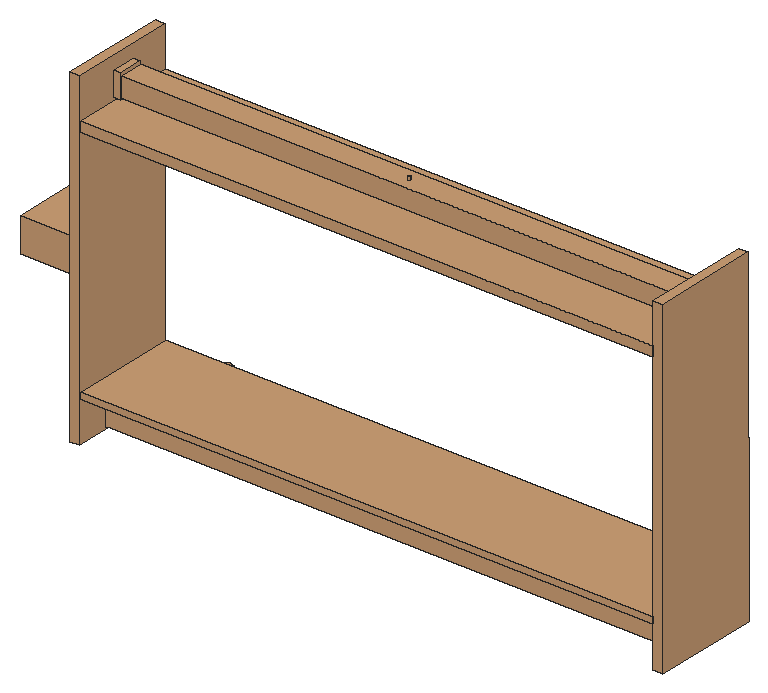
Revit family
Parameters
  Center of Unit = 0' - 0"  # constant formula
  Total Heating Capacity [instance] = 0.0 Btu/h
  Series = "VIFB"
  Outlet Area = 39.30 SF
  Lower Frame Thickness = if(Headers Height = 0' 3", 0' 1 1/4", if(Headers Height = 0' 3 1/4", 0' 1 1/4", 0' 0"))  # 0' - 1 1/4"
  Water Pressure Drop [instance] = 0.00 psi
  Water Flow [instance] = 0 GPM
  Unit Weight (lbs) = 1325
  URL = "http://www.ljwing.com/"
  Water Outlet Radius = 0' - 1 1/2"
  Headers Height = if(M = 0' 1", 0' 3", if(M = 0' 1 1/2", 0' 3 1/4", 0' 0"))  # 0' - 3 1/4"
  Number of Rows = 2  # constant formula
  Number of Coils [instance] = 0
  Nominal Length = 10' - 1 29/32"
  N = 1' - 0 3/4"
  Model = "VC-11W"
  Manufacturer = "LJ Wing"
  M = 0' - 1 1/2"
  Leaving Water Temperature [instance] = 0 °F
  Leaving Air Temperature [instance] = 0 °F
  Entering Water Temperature [instance] = 0 °F
  Entering Air Temperature [instance] = 0 °F
  Description = "Vertical Integral Face & Bypass Water Heating Coils"
  Hot Water Inlet  Radius = 0' - 1 1/2"
  Coil Face Area = Outlet Area * 0.56  # 22.008 SF
  Casing Material = ""
  Assembly Code = "D3020300"
  Air Vent Radius = 0' - 0 1/4"
  Air Pressure Drop [instance] = 0.00 in-wg
  Air Inlet Width = Nominal Length - 0' 4"  # 9' - 9 29/32"
  Air Inlet Height = Y  # 4' - 0"
  Air Flow [instance] = 0 CFM
  Y = 4' - 0"
  S = 0' - 9 3/4"  # constant formula
  Product URL = "http://www.ljwing.com/html/vifb.asp"
  OmniClass = "23-75 70 21 14 "
  Nominal Height = 5' - 8"
  Nominal Depth = 1' - 10"
  R = 0' - 10 1/4"  # constant formula
  Q = 0' - 3 61/64"
Reference planes (in)
  plane 1 "Center (Front/Back)": y = 0
  plane 2: z = -24
  plane 3 "Center (Left/Right)": x = 0
  plane 4: z = 34.25
  plane 5: x = -60.95312
  plane 6: x = 60.95313
  plane 7: z = -33.75
  plane 8: z = 0
  plane 9: y = -11
  plane 10: y = 11
  plane 11: z = 24
  plane 12: z = 26
  plane 13: z = -25.25
  plane 14: x = 58.95313
  plane 15: x = -58.95313
  plane 16: x = -57
  plane 17: x = 57
  plane 18: y = 14.0625
  plane 19: x = -71.95313
  plane 20: z = 31.125
  plane 21: z = 27.125
  plane 22: y = -2.5
  plane 23: y = 2.5
  plane 24: y = -4.5
  plane 25: z = -31.375
  plane 26: x = -48.20312
  plane 27: x = 48.20313
  plane 28: z = -27.375
Forms (in)
  Extrusion 1, solid, material "Painted Finish"
    sketch origin (0, 6, -9.75) x (1, 0, 0) y (0, 0, 1)
      loop
        line (-60.95312, -24) -> (-58.95313, -24) -> (-58.95313, 44) -> (-60.95312, 44) -> (-60.95312, -24)
      loop
        line (60.95313, -24) -> (60.95313, 44) -> (58.95313, 44) -> (58.95313, -24) -> (60.95313, -24)
    from -5 to 17
  Extrusion 2, solid, material "Painted Finish"
    sketch origin (0, 6, 0) x (1, 0, 0) y (0, 0, 1)
      loop
        line (58.95313, -24) -> (-58.95313, -24) -> (-58.95313, -25.25) -> (58.95313, -25.25) -> (58.95313, -24)
      loop
        line (58.95313, 24) -> (58.95313, 26) -> (-58.95313, 26) -> (-58.95313, 24) -> (58.95313, 24)
    from -5 to 17
  Extrusion 3, solid, material "Painted Finish"
    sketch origin (0, 10, -0.5) x (1, 0, 0) y (0, 0, 1)
      loop
        line (-60.95312, 4) -> (-71.95313, 4) -> (-71.95313, -3) -> (-60.95312, -3) -> (-60.95312, 4)
    from 0 to 20
  Extrusion 4, solid, material "Painted Finish"
    sketch origin (0, 6, 0) x (1, 0, 0) y (0, 0, 1)
      loop
        line (-57.32813, 31.125) -> (-57.32813, 27.125) -> (57.32813, 27.125) -> (57.32813, 31.125) -> (-57.32813, 31.125)
    from 3.5 to 8.5
  Extrusion 5, solid, material "Painted Finish"
    sketch origin (0, 0, 0) x (1, 0, 0) y (0, 0, 1)
      loop
        line (-57.32813, 26.625) -> (-57.32813, 31.625) -> (-58.95313, 31.625) -> (-58.95313, 26.625) -> (-57.32813, 26.625)
      loop
        line (58.95313, 26.625) -> (58.95313, 31.625) -> (57.32813, 31.625) -> (57.32813, 26.625) -> (58.95313, 26.625)
    from -2.5 to 2.5
  Extrusion 6, solid, material "Painted Finish"
    sketch origin (0, 6, 0) x (1, 0, 0) y (0, 0, 1)
      loop
        line (-58.45312, -25.75) -> (-58.45312, -25.5) -> (-58.95313, -25.5) -> (-58.95313, -29.25) -> (-58.45312, -29.25) -> (-58.45312, -29) -> (58.45313, -29) -> (58.45313, -29.25) -> (58.95313, -29.25) -> (58.95313, -25.5) -> (58.45313, -25.5) -> (58.45313, -25.75) -> (-58.45312, -25.75)
      loop
        line (58.45313, -33) -> (58.45313, -33.125) -> (58.95313, -33.125) -> (58.95313, -29.5) -> (58.45313, -29.5) -> (58.45313, -29.75) -> (-58.45312, -29.75) -> (-58.45312, -29.5) -> (-58.95313, -29.5) -> (-58.95313, -33.25) -> (-58.45313, -33.25) -> (-58.45313, -33) -> (58.45313, -33)
    from -5 to 10.5
  Extrusion 7, void
    sketch origin (0, 0, 0) x (1, 0, 0) y (0, 0, 1)
      loop
        line (-58.95313, 24) -> (-58.95313, -24) -> (58.95313, -24) -> (58.95313, 24) -> (-58.95313, 24)
    from -11 to 11
  Extrusion 8, solid, material "Painted Finish"
    sketch origin (0, 0, 0) x (1, 0, 0) y (0, 0, 1)
      loop
        circle (48.20313, -31.375) r 1.5
      loop
        circle (-48.20312, -27.375) r 1.5
    from -14.0625 to -11
  Extrusion 9, solid, material "Painted Finish"
    sketch origin (0, 0, 0) x (1, 0, 0) y (0, 1, 0)
      loop
        circle (0, 0) r 0.25
    from 31.125 to 31.625
Cuts and joins
  Extrusion 7 cuts Extrusion 1
  Extrusion 7 cuts Extrusion 2
Dimensions and locks (in)
  "Nominal Length": plane 6 to plane 5
  equal spacing: plane 6, plane 3 "Center (Left/Right)", plane 5
  "S": plane 2 to plane 7
  "Nominal Depth": plane 10 to plane 9
  equal spacing: plane 10, plane 1 "Center (Front/Back)", plane 9
  "Y": plane 11 to plane 2
  "R": plane 4 to plane 11
  locked: plane 12 to plane 11 at 2
  "Lower Frame Thickness": plane 2 to plane 13
  "Q": plane 16 to plane 5
  "Q": plane 6 to plane 17
  locked: plane 18 to plane 10 at 3.0625
  locked: plane 5 to plane 19 at 11
  locked: Extrusion 3 sketch curve to Extrusion 3 sketch curve at 7
  locked: Extrusion 3 to Extrusion 3 at 20
  locked: plane 6 to plane 14 at 2
  locked: plane 15 to plane 5 at 2
  locked: Extrusion 5 sketch curve to plane 20 at 0.5
  locked: plane 21 to Extrusion 5 sketch curve at 0.5
  locked: plane 20 to plane 21 at 4
  locked: plane 23 to plane 22 at 5
  equal spacing: plane 23, plane 1 "Center (Front/Back)", plane 22
  locked: plane 22 to plane 24 at 2
  plane 4 to plane 7 = 5' - 8"
  locked: Extrusion 5 sketch curve to Extrusion 1 at 1.625
  locked: Extrusion 5 sketch curve to Extrusion 5 sketch curve at 1.625
  locked: Extrusion 7 sketch curve to plane 11 at 0
  locked: Extrusion 7 sketch curve to plane 15 at 0
  locked: Extrusion 7 sketch curve to plane 14 at 0
  locked: plane 15 to Extrusion 6 sketch curve at 0.5
  locked: Extrusion 6 sketch curve to Extrusion 6 sketch curve at 0.25  (x2)
  locked: plane 25 to plane 7 at 2.375
  "N": plane 26 to plane 5
  "N": plane 6 to plane 27
  locked: plane 28 to plane 7 at 6.375
  "Headers Height": Extrusion 6 sketch curve to Extrusion 6 sketch curve  (x2)
  locked: Extrusion 8 sketch curve to plane 25 at 0
  locked: Extrusion 8 sketch curve to plane 28 at 0
  locked: Extrusion 9 sketch curve to plane 1 "Center (Front/Back)" at 0
  locked: Extrusion 9 sketch curve to plane 3 "Center (Left/Right)" at 0
  equal spacing: Extrusion 6 sketch curve, plane 28, Extrusion 6 sketch curve
  equal spacing: Extrusion 6 sketch curve, plane 25, Extrusion 6 sketch curve
  locked: plane 4 to plane 20 at 3.125
  locked: Extrusion 7 sketch curve to plane 2 at 0
  equal spacing: plane 11, plane 8, plane 2
  locked: Extrusion 8 sketch curve to plane 27 at 0
  locked: Extrusion 8 sketch curve to plane 26 at 0
  "M": radius of Extrusion 8 sketch curve  (x2)
  "Air Vent Radius": radius of Extrusion 9 sketch curve
  aligned and locked: Extrusion 1 to plane 9
  aligned and locked: Extrusion 1 to plane 10
  aligned and locked: Extrusion 1 to plane 15
  aligned and locked: Extrusion 1 to plane 14
  aligned and locked: Extrusion 2 to plane 9
  aligned and locked: plane 9 to Extrusion 1
  aligned and locked: plane 10 to Extrusion 1  (x2)
  aligned and locked: Extrusion 2 to plane 10
  aligned and locked: plane 10 to Extrusion 2  (x2)
  aligned and locked: plane 9 to Extrusion 2  (x2)
  aligned and locked: plane 5 to Extrusion 3
  aligned and locked: Extrusion 5 sketch curve to plane 15
  aligned and locked: Extrusion 5 sketch curve to Extrusion 4
  aligned and locked: Extrusion 1 to Extrusion 6
  aligned and locked: plane 22 to Extrusion 5
  aligned and locked: Extrusion 5 to Extrusion 4  (x2)
  aligned and locked: Extrusion 5 to plane 23
  aligned and locked: Extrusion 6 to plane 24
  aligned and locked: Extrusion 4 to Extrusion 5  (x2)
  aligned and locked: Extrusion 5 to Extrusion 1  (x2)
  aligned and locked: Extrusion 1 to Extrusion 7  (x2)
  aligned and locked: plane 18 to Extrusion 8
  aligned and locked: Extrusion 8 to plane 10
  aligned and locked: plane 20 to Extrusion 9
  aligned and locked: Extrusion 9 to Extrusion 5
  aligned and locked: plane 2 to cut or joined group of Extrusion 2, Extrusion 7
  aligned and locked: Extrusion 1 sketch curve to plane 6
  aligned and locked: Extrusion 1 sketch curve to plane 14
  aligned and locked: Extrusion 1 sketch curve to plane 15
  aligned and locked: Extrusion 1 sketch curve to plane 5
  aligned and locked: Extrusion 1 sketch curve to plane 4  (x2)
  aligned and locked: plane 7 to Extrusion 1 sketch curve
  aligned and locked: Extrusion 1 sketch curve to plane 7
  aligned and locked: Extrusion 2 sketch curve to plane 11
  aligned and locked: Extrusion 2 sketch curve to plane 12
  aligned and locked: plane 2 to Extrusion 2 sketch curve
  aligned and locked: Extrusion 2 sketch curve to plane 13
  aligned and locked: Extrusion 2 sketch curve to plane 14  (x2)
  aligned and locked: Extrusion 2 sketch curve to plane 15  (x2)
  aligned and locked: plane 20 to Extrusion 4 sketch curve
  aligned and locked: Extrusion 4 sketch curve to plane 21
  aligned and locked: Extrusion 6 sketch curve to plane 14  (x2)
  aligned and locked: plane 15 to Extrusion 6 sketch curve  (x2)
Automatic sketch dimensions
  Extrusion 3 sketch curve to plane 19 = 0' - 0"
  Extrusion 3 sketch curve to plane 5 = 0' - 0"
  plane 8 to Extrusion 3 sketch curve = 0' - 3 1/2"
  Extrusion 4 sketch curve to plane 16 = 0' - 0 21/64"
  plane 17 to Extrusion 4 sketch curve = 0' - 0 21/64"
  plane 21 to Extrusion 5 sketch curve = 0' - 0 1/2"
  Extrusion 5 sketch curve to plane 20 = 0' - 0 1/2"
  plane 15 to Extrusion 6 sketch curve = 0' - 0 1/2"  (x2)
  Extrusion 6 sketch curve to Extrusion 6 sketch curve = 0' - 0 1/4"  (x5)
  Extrusion 6 sketch curve to Extrusion 6 sketch curve = 0' - 0"  (x2)
  Extrusion 6 sketch curve to plane 14 = 0' - 0 1/2"  (x2)
  Extrusion 6 sketch curve to Extrusion 6 sketch curve = 0' - 0 1/2"
  Extrusion 6 sketch curve to plane 7 = 0' - 0 5/8"
Connectors (in)
  hvac at (0, -11, 0), driven by "Air Inlet Height", driven by "Air Inlet Width", driven by "Air Flow", driven by "Air Pressure Drop"
    settings: on Extrusion 7, index 1
  hvac at (0, 11, 0), driven by "Air Pressure Drop", driven by "Air Inlet Height", driven by "Air Inlet Width", driven by "Air Flow"
    settings: on Extrusion 7, index 2
  piping at (-48.20312, 14.0625, -27.375), driven by "M", driven by "Water Flow", driven by "Water Pressure Drop"
    settings: on Extrusion 8, index 4
  piping at (48.20313, 14.0625, -31.375), driven by "Water Pressure Drop", driven by "Water Flow", driven by "M"
    settings: on Extrusion 8, index 5
